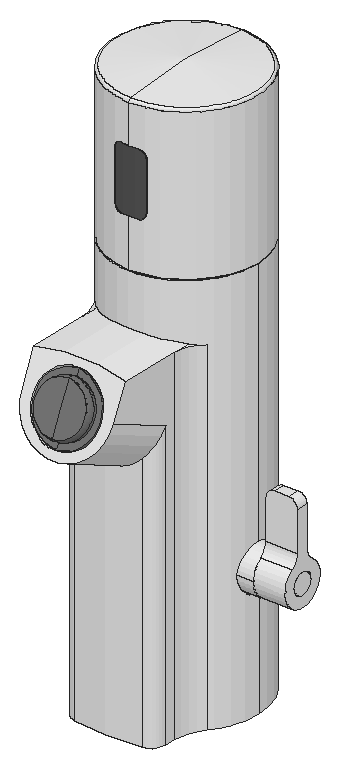
Revit family "PRD_AR_WshbsnTps_F5E-MixElectronicWashbasinMixer_F5EM1015 2", category Plumbing Fixtures, host Face, Revit 2023
Family settings
  Host = Face
  Round Connector Dimension = Use Diameter
  Part Type = Normal
  OmniClass Number = 23.45.55.14
  OmniClass Title = Single Faucets
  Enable Cutting in Views = No
  Cut with Voids When Loaded = No
  Maintain Annotation Orientation = No
  Shared = No
  Room Calculation Point = No
Parameters (values of type "F5EM1015")
  WithTransformer/PowerSupply = "no"
  WithRosettes/CoverPlate = "no"
  WithFilter = "yes"
  WithBackflowPreventer = "yes"
  WaterConnection = "plug connection"
  WarrantyStartDate [instance] = "1900-12-31T23:59:59"
  WarrantyGuarantorParts = "n/a"
  WarrantyGuarantorLabor = "n/a"
  WarrantyDurationUnit = "n/a"
  WarrantyDurationParts = "n/a"
  WarrantyDurationLabor = "n/a"
  WarrantyDescription = "n/a"
  VolumeFlowRateAt3Bar = "0.08 l/s"
  Version = "1"
  Uniclass2015Version = "Products v1.38"
  Uniclass2015Title = "Washbasin taps"
  Uniclass2015Code = "Pr_40_20_87_98"
  URL = "www.kwc-professional.com"
  TypeOfTap = "for fitting unit"
  TypeOfSensor = "opto-electronic sensor"
  TypeOfPowerSupply = "Battery"
  TypeOfOperation = "sensor operation"
  TypeOfMounting = "mounted on product"
  TypeOfMixing = "yes"
  TypeOfBatteries = "CR-P2 Lithium battery 6V"
  Type IFC Predefined Type = "FAUCET"
  ThermalDisinfection = "automatic thermal disinfection"
  TemperatureLimit = "yes"
  TailorMade = "no"
  TagNumber [instance] = "n/a"
  SustainabilityPerformance = "n/a"
  SurfaceTreatmentFitting = "polished"
  SurfaceFinishFitting = "chromed"
  SpoutProjection = "110 mm"
  Spout = "fixed"
  SoundInsulation = "no"
  Size = "n/a"
  Shape = "n/a"
  SerialNumber [instance] = "n/a"
  SensorMaterial = PRD_AR_SyntheticDarkGrey
  Revision = "n/a"
  ReplacementCost = "n/a"
  ProtectiveShutdown = "yes"
  ProductInformation = "http://pim.kwc.com/product/2030058995/attachment/datasheet?locale=en"
  PowerSupplyConnection = "Battery 6 V"
  Pop-UpWasteSet = "no"
  Parameterization = "remote control"
  OutletMaterial = PRD_AR_SyntheticGrey
  NumberOfBatteries = "1"
  NominalWidth = 0.00 mm
  NominalLength = 0.00 mm
  NominalHeight = 0.00 mm
  NominalDepth = 195.00 mm
  Name = "F5E-Mix Electronic washbasin mixer for fitting unit or wall flange F5EM1015"
  NBSTypeID = "n/a"
  NBSReference = "45-35-70/371"
  NBSOfficeMasterTag = "n/a"
  NBSNote = "n/a"
  NBSDescription = "Water supply fittings for wash basins and troughs"
  NBSCertification = "n/a"
  ModelReference = "F5EM1015"
  ModelNumber = "2030058995"
  Model = ModelReference  # "F5EM1015"
  MinimumFlowPressure = "1 bar"
  MaterialFitting = "brass-look"
  Material = "chrome-plated brass"
  ManufacturerURL = "www.kwc-professional.com"
  ManufacturerName = "KWC Group Management AG"  # constant formula
  Manufacturer = ManufacturerName  # "KWC Group Management AG"
  LockingMechanism = "Top section, non-ceramic"
  InletSize = "DN 15"
  TapMaterial = PRD_AR_ChromatedBrass_HighPolished
  HygieneFlushing = "yes"
  FunctionalPrinciple = "electronic self-closing"
  Inlet = 15.0 mm
  InstallationDate [instance] = "1900-12-31T23:59:59"
  IfcExportType = "FAUCET"
  IfcExportAs = "IfcValveType"
  Grade = "n/a"
  Finish = "high-polished chromium-plated brass"
  Features = "For connection to hot and cold water. High-polished chrome-plated brass. With integrated flow regulator 5.0 l/min."
  FaucetType = "SINGLEOUTLETCOMBINATION"
  FaucetTopDescription = "n/a"
  FaucetOperation = "TIMEDSELFCLOSING"
  FaucetFunction = "MIXED"
  Export Type to IFC As = "IfcValveType"
  ExpectedLife = "n/a"
  DurationUnit = "n/a"
  DiameterNominal = "DN 15"
  Description = "F5E-Mix Washbasin mixer DN 15 with angled outlet for installation on fitting units or separate wall flanges, for sanitary facilities. Opto-electronic control, activation on hand reflection. For connection to hot and cold water. Control electronics, solenoid valve cartridge, 6 V lithium battery (CR-P2) and sensor in all-metal housing, high-polished chrome-plated brass. Temperature lever with adjustable, turn-proof temperature stop. Anti-theft aerator, SLIM design, with integrated flow regulator 5.0 l/min. Connections positioned above one another with backflow preventers. Activated water hygiene flushing 24 hours after last activation, safety switch-off for continuous reflexion and saving of statistical data. With option for parameterization and communication via optional, bidirectional remote control."
  Depressurised = "no"
  DefaultAutomaticHygieneFlushing = "24h after the last activity"
  Default Elevation = 1050.00 mm
  CreatedOn = "11/2025"  # constant formula
  Constituents = "n/a"
  CompatibleA3000Open = "no"
  Color = "n/a"
  CodePerformance = "n/a"
  Category = "Pr_40_20_87_98, Washbasin taps"
  BasicColour = "chrome-look (glossy)"
  BarCode [instance] = "n/a"
  BIMObjectName = "PRD_AR_WashbasinTaps_F5E-MixElectronicWashbasinMixer_F5EM1015"
  Author = "Archispace"  # constant formula
  AssetType = "Fixed"
  AssetIdentifier [instance] = "n/a"
  AdjustableFlowTime = "yes"
  AccessibilityPerformance = "n/a"
  AccentColour = "none"
Reference planes
  plane 1 "Center (Front/Back)": y = 0
  plane 2: z = 0
  plane 3 "Center (Left/Right)": x = 0
  plane 4: z = 26.3
Forms (mm)
  Extrusion 1, solid, not visible
    sketch origin (0, 0, 0) x (1, 0, 0) y (0, 1, 0)
      loop
        circle (0, -18) r 2
      loop
        circle (0, 18) r 2
    from 0 to 1
Dimensions and locks
  aligned and locked: plane 2 to host face
  aligned and locked: level to host face
Nested families
  nested 1: "F5EM1015" at (0, 3.5, 0), type "F5EM1015"
Connectors
  piping at (0, 18, 0), diameter 15, driven by "Inlet", driven by "InletSize"
    settings: on Extrusion 1, index 1, connector inside diameter 609.6 mm, connector length 0.00 mm, flow factor 0, pipe flow 0.0 L/s, pressure drop 0.0 Pa, fitting loss kfactor 0, connector angle 0.00°, fixture units 0, engagement length 0.00 mm, angle of deflection 0.00°, flow configuration 1, flow direction 1, fitting loss method 0, system type 19, joint type 0, gender type 0, connector reference index -1, connector utility 0, adjustable connector no, is connector primary yes, connector description "DN 15"
  piping at (0, -18, 0), diameter 15, driven by "Inlet", driven by "InletSize"
    settings: on Extrusion 1, index 2, connector inside diameter 609.6 mm, connector length 0.00 mm, flow factor 0, pipe flow 0.0 L/s, pressure drop 0.0 Pa, fitting loss kfactor 0, connector angle 0.00°, fixture units 0, engagement length 0.00 mm, angle of deflection 0.00°, flow configuration 1, flow direction 1, fitting loss method 0, system type 20, joint type 0, gender type 0, connector reference index -1, connector utility 0, adjustable connector no, is connector primary no, connector description "DN 15"
Definition of nested family "F5EM1015"
  Parameters (values of type "F5EM1015")
    TapMaterial = none
    SensorMaterial = none
    OutletMaterial = none
    Default Elevation = 0.00 mm
  Reference planes
    plane 1 "Center (Front/Back)": y = 0
    plane 2: z = 0
    plane 3 "Center (Left/Right)": x = 0
  Forms (mm)
    Extrusion 1, solid, material <- "TapMaterial", detail levels fine
      sketch origin (0, 0, 0) x (1, 0, 0) y (0, 1, 0)
        loop
          circle (0, 0) r 25
      from 0 to 140.5
    Revolve 2, solid, material <- "TapMaterial", detail levels fine
      sketch origin (0, 0, 0) x (0, 1, 0) y (0, 0, 1)
        loop
          line (25, 141) -> (25, 193.152)
          arc (25, 193.152) -> (24.762, 193.8) -> (24.161, 194.139) r 1
          arc (24.161, 194.139) -> (12.12, 195.608) -> (0, 196.098) r 150.001
          line (0, 196.098) -> (0, 141) -> (25, 141)
        axis (0, 141) -> (0, 196.098)
      angle from 0 to 360
    Extrusion 3, void
      sketch origin (0, 0, 0) x (1, 0, 0) y (0, 0, 1)
        loop
          line (-3, 157.615) -> (3, 157.615)
          arc (3, 157.615) -> (4.768, 158.347) -> (5.5, 160.115) r 2.5
          line (5.5, 160.115) -> (5.5, 177.115)
          arc (5.5, 177.115) -> (4.768, 178.883) -> (3, 179.615) r 2.5
          line (3, 179.615) -> (-3, 179.615)
          arc (-3, 179.615) -> (-4.768, 178.883) -> (-5.5, 177.115) r 2.5
          line (-5.5, 177.115) -> (-5.5, 160.115)
          arc (-5.5, 160.115) -> (-4.768, 158.347) -> (-3, 157.615) r 2.5
      from 23.099 to 28
    Extrusion 4, solid, material <- "SensorMaterial", detail levels fine
      sketch origin (0, 0, 0) x (1, 0, 0) y (0, 0, 1)
        loop
          line (-3, 157.615) -> (3, 157.615)
          arc (3, 157.615) -> (4.768, 158.347) -> (5.5, 160.115) r 2.5
          line (5.5, 160.115) -> (5.5, 177.115)
          arc (5.5, 177.115) -> (4.768, 178.883) -> (3, 179.615) r 2.5
          line (3, 179.615) -> (-3, 179.615)
          arc (-3, 179.615) -> (-4.768, 178.883) -> (-5.5, 177.115) r 2.5
          line (-5.5, 177.115) -> (-5.5, 160.115)
          arc (-5.5, 160.115) -> (-4.768, 158.347) -> (-3, 157.615) r 2.5
      from 23.099 to 28
    Extrusion 5, void
      sketch origin (0, -155.521, 396.453) x (0, 1, 0) y (-1, 0, 0)
        loop
          line (131.573, 7.174) -> (126.573, 7.174) -> (126.573, -7.174) -> (131.573, -7.174)
          arc (131.573, -7.174) -> (130.521, 0) -> (131.573, 7.174) r 25
      from -241.939 to -215.285
    Extrusion 6, solid, material <- "TapMaterial", detail levels fine
      sketch origin (0, 0, 5) x (1, 0, 0) y (0, 1, 0)
        loop
          circle (0, 0) r 24.5
      from 135.5 to 136
    Sweep 7, solid, material <- "TapMaterial", detail levels fine
      path origin (0, 0, 0) x (1, 0, 0) y (0, 0, 1)
        loop
          line (16.805, 46) -> (29.3, 46)
      profile origin (23.053, 0, 46) x (0, 0, 1) y (0, -1, 0)
        loop
          circle (0, 0) r 7.5
    Extrusion 8, solid, material <- "TapMaterial", detail levels fine
      sketch origin (0, 0, 0) x (0, 1, 0) y (0, 0, 1)
        loop
          line (-2, 73) -> (-2, 56.356)
          arc (-2, 56.356) -> (-2.584, 54.011) -> (-4.2, 52.214) r 5
          arc (-4.2, 52.214) -> (0, 38.5) -> (4.2, 52.214) r 7.5
          arc (4.2, 52.214) -> (2.584, 54.011) -> (2, 56.356) r 5
          line (2, 56.356) -> (2, 73) -> (-2, 73)
      from 29.3 to 40.305
    Extrusion 9, void
      sketch origin (0, 0, 0) x (1, 0, 0) y (0, 0, 1)
        loop
          arc (29.3, 70) -> (30.179, 72.121) -> (32.3, 73) r 3
          line (32.3, 73) -> (29.3, 73) -> (29.3, 70)
        loop
          arc (37.3, 73) -> (39.425, 72.12) -> (40.305, 69.995) r 3.005
          line (40.305, 69.995) -> (40.305, 73) -> (37.3, 73)
      from -2 to 2
    Sweep 10, void
      path origin (0, 0, 0) x (1, 0, 0) y (0, 0, 1)
        loop
          line (16.805, 46) -> (29.3, 46)
      profile origin (23.053, 0, 46) x (0, 0, 1) y (0, -1, 0)
        loop
          circle (0, 0) r 8
    Sweep 11, void
      path origin (0, 0, 0) x (1, 0, 0) y (0, 0, 1)
        loop
          line (40.305, 46) -> (36.305, 46)
      profile origin (38.305, 0, 46) x (0, 0, -1) y (0, -1, 0)
        loop
          circle (0, 0) r 3.8
    Sweep 12, solid, material <- "TapMaterial", detail levels fine
      path origin (0, 0, 0) x (1, 0, 0) y (0, 0, 1)
        loop
          line (36.305, 46) -> (40.305, 46)
      profile origin (38.305, 0, 46) x (0, 0, 1) y (0, -1, 0)
        loop
          circle (0, 0) r 3.5
    Revolve 13, void
      sketch origin (0, 0, 0) x (0, 1, 0) y (0, 0, 1)
        loop
          line (-51.939, 109.298) -> (-46.501, 106.762) -> (-41.387, 117.728) -> (-46.825, 120.264) -> (-51.939, 109.298)
        axis (-51.939, 109.298) -> (-46.501, 106.762)
      angle from 0 to 360
    Revolve 14, solid, material <- "OutletMaterial", detail levels fine
      sketch origin (0, 0, 0) x (0, 1, 0) y (0, 0, 1)
        loop
          line (-55.111, 110.777) -> (-46.501, 106.762) -> (-41.599, 117.275) -> (-47.036, 119.811) -> (-47.987, 117.772) -> (-48.894, 118.194)
          arc (-48.894, 118.194) -> (-50.123, 118.6) -> (-51.413, 118.707) r 5.508
          line (-51.413, 118.707) -> (-55.111, 110.777)
        axis (-55.111, 110.777) -> (-46.501, 106.762)
      angle from 0 to 360
    Sweep 15, solid, material <- "TapMaterial", detail levels fine
      path origin (0, 0, 0) x (0, 1, 0) y (0, 0, 1)
        loop
          line (-35, 0) -> (-35, 105)
      profile origin (0, -35, 52.5) x (0, -1, 0) y (1, 0, 0)
        loop
          arc (-0.932, -11.786) -> (0, 0) -> (-0.932, 11.786) r 75
          arc (-0.932, 11.786) -> (-2.624, 14.803) -> (-5.87, 16) r 5
          line (-5.87, 16) -> (-35, 16) -> (-35, -16) -> (-5.87, -16)
          arc (-5.87, -16) -> (-2.624, -14.803) -> (-0.932, -11.786) r 5
    Sweep 16, solid, material <- "TapMaterial", detail levels fine
      path origin (0, 5.558, -2.592) x (0, 0.999391, 0.034899) y (0, -0.034899, 0.999391)
        loop
          line (-55.111, 110.777) -> (-22.447, 94.134)
      profile origin (0, -36.773, 98.448) x (0, 0.422618, 0.906308) y (1, 0, 0)
        loop
          line (4.417, -16) -> (4.417, 16)
          arc (4.417, 16) -> (-11.583, 0) -> (4.417, -16) r 16
    Extrusion 17, solid, material <- "TapMaterial", detail levels fine
      sketch origin (0, 0, 0) x (1, 0, 0) y (0, 0, 1)
        loop
          line (-16, 120.924) -> (-16, 110.197) -> (16, 110.197) -> (16, 120.924)
          arc (16, 120.924) -> (0, 122.647) -> (-16, 120.924) r 75.178
      from 0 to 58.191
    Extrusion 18, void
      sketch origin (0, 0, 0) x (0, 1, 0) y (0, 0, 1)
        loop
          line (-43.394, 127.622) -> (-59.715, 127.622) -> (-59.715, 92.622) -> (-43.394, 127.622)
      from -16 to 16
    Extrusion 19, solid, material <- "TapMaterial", detail levels fine
      sketch origin (0, 0, 0) x (0, 1, 0) y (0, 0, 1)
        loop
          line (-51.519, 110.197) -> (0, 86.173) -> (0, 110.197) -> (-51.519, 110.197)
      from -16 to 16
    Extrusion 20, solid, material <- "TapMaterial", detail levels fine
      sketch origin (0, 0, 0) x (1, 0, 0) y (0, 1, 0)
        loop
          arc (-19.512, -15.629) -> (-16.904, -20.331) -> (-16, -25.632) r 16
          line (-16, -25.632) -> (-16, -19.209)
          arc (-16, -19.209) -> (-17.846, -17.508) -> (-19.512, -15.629) r 25
      from 0 to 121.123
    Extrusion 21, void
      sketch origin (0, 0, 0) x (1, 0, 0) y (0, 0, 1)
        loop
          arc (-21.976, 119.363) -> (0, 122.647) -> (21.976, 119.363) r 75.178
          line (21.976, 119.363) -> (21.976, 124.363) -> (-21.976, 124.363) -> (-21.976, 119.363)
      from 7.133 to 56.405
    Extrusion 22, solid, material <- "TapMaterial", detail levels fine
      sketch origin (0, 0, 0) x (-1, 0, 0) y (0, -1, 0)
        loop
          arc (-19.512, 15.629) -> (-17.846, 17.508) -> (-16, 19.209) r 25
          line (-16, 19.209) -> (-16, 25.632)
          arc (-16, 25.632) -> (-16.904, 20.331) -> (-19.512, 15.629) r 16
      from 0 to 121.123
    Extrusion 23, solid, material <- "TapMaterial", detail levels medium
      sketch origin (0, 0, 0) x (1, 0, 0) y (0, 1, 0)
        loop
          circle (0, 0) r 25
      from 0 to 195
    Extrusion 24, solid, material <- "TapMaterial", detail levels medium
      sketch origin (0, 0, 0) x (0, 1, 0) y (0, 0, 1)
        loop
          line (-2, 73) -> (-2, 53.228)
          arc (-2, 53.228) -> (0, 38.5) -> (2, 53.228) r 7.5
          line (2, 53.228) -> (2, 73) -> (-2, 73)
      from 29.3 to 40.305
    Sweep 25, solid, material <- "TapMaterial", detail levels medium
      path origin (0, 0, 0) x (1, 0, 0) y (0, 0, 1)
        loop
          line (16.805, 46) -> (29.3, 46)
      profile origin (23.053, 0, 46) x (0, 0, 1) y (0, -1, 0)
        loop
          circle (0, 0) r 7.5
    Extrusion 26, solid, material <- "TapMaterial", detail levels medium
      sketch origin (0, 0, 0) x (0, 1, 0) y (0, 0, 1)
        loop
          line (-45.714, 122.647) -> (-58.281, 95.696) -> (-35, 84.84) -> (-35, 0) -> (0, 0) -> (0, 122.647) -> (-45.714, 122.647)
      from -16 to 16
    Revolve 27, solid, material <- "OutletMaterial", detail levels medium
      sketch origin (0, 0, 0) x (0, 1, 0) y (0, 0, 1)
        loop
          line (-55.111, 110.777) -> (-51.939, 109.298) -> (-47.987, 117.772) -> (-51.159, 119.251) -> (-55.111, 110.777)
        axis (-55.111, 110.777) -> (-51.939, 109.298)
      angle from 0 to 360
    Extrusion 28, solid, material <- "TapMaterial", detail levels coarse
      sketch origin (0, 0, 0) x (1, 0, 0) y (0, 1, 0)
        loop
          line (-25, 25) -> (-25, -58.281) -> (40.305, -58.281) -> (40.305, 25) -> (-25, 25)
      from 0 to 195
  Cuts and joins
    Extrusion 5 cuts Extrusion 4
    Extrusion 3 cuts Revolve 2
    Extrusion 9, Sweep 11 cuts Extrusion 8
    joined: Sweep 7, Extrusion 8
    Extrusion 3, Sweep 10 cuts Extrusion 1
    Revolve 13 cuts Sweep 16
    Revolve 13, Extrusion 18 cuts Extrusion 17
    Revolve 13 cuts Extrusion 19
    Extrusion 21 cuts Extrusion 20
    Extrusion 21 cuts Extrusion 22
    joined: Extrusion 1, Sweep 15, Sweep 16, Extrusion 17, Extrusion 19, Extrusion 20, Extrusion 22
    joined: Extrusion 23, Extrusion 24, Sweep 25, Extrusion 26
  Lines and regions (mm)
    model lines
      curve 1: line (-7, -3.5, 0) -> (7, -3.5, 0)
      curve 2: line (0, 3.5, 0) -> (0, -10.5, 0)
      curve 3: circle (0, -3.5, 0) r 7 normal (0, 0, 1)
      curve 4: circle (0, 14.5, 0) r 7.5 normal (0, 0, 1)
      curve 5: circle (0, -21.5, 0) r 7.5 normal (0, 0, -1)
  Dimensions and locks
    aligned and locked: level to plane 2
    aligned and locked: plane 1 "Center (Front/Back)" to Extrusion 26 sketch curve
